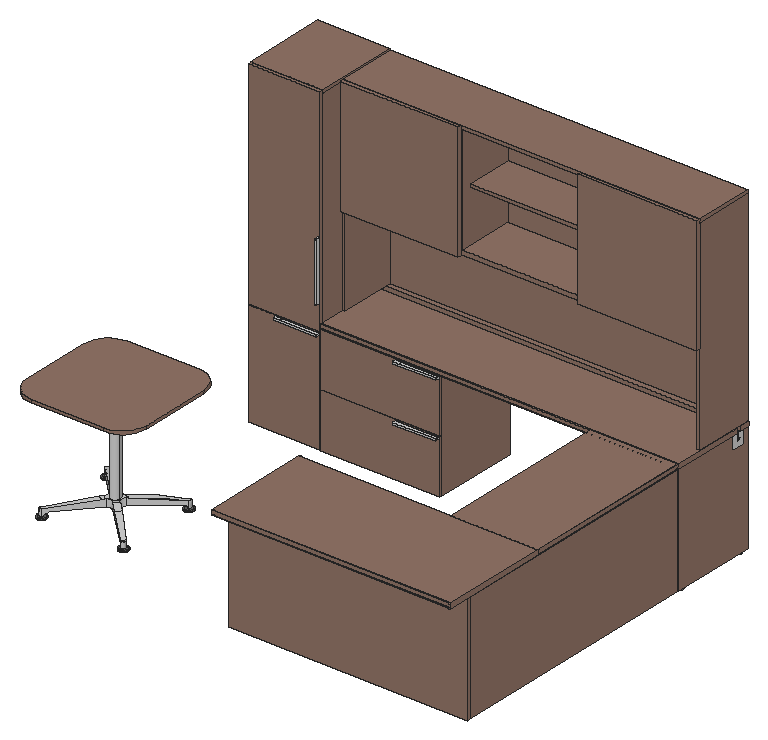
Revit family "FLV007", category Furniture, Revit 2015
Parameters
  Series = "Flux Veneer"
  Manufacturer = "JSI"
  Description = "FLV007"
Reference planes (in)
  plane 1 "Center Front/Back": y = 0
  plane 2: z = 0
  plane 3 "Center Left/Right": x = 0
Dimensions and locks (in)
  aligned and locked: level to plane 2
Nested families (in)
  nested 1: "JSI-Flux-Adj_U_Table_Desk_Bridge" at (-35.48949, -82.68097, 1.16894) x (-1, 0, 0) z (0, 0, 1), type "FLV3060-U44AHL, Adj, Dsk L, 80x60 Ven"
    with Height 2' - 5", Width 5' - 0", Total Depth 5' - 11 3/8", L yes, Post Dist 0' - 2 5/16", Int Pnl Dist 0' - 3 53/64", HW Dist 0' - 1 5/64", Gld Dist 0' - 10", Frnt Pnl Dist 0' - 0 53/64", Frnt Fill Dist 0' - 11 21/64", Frnt Cap Dist 0' - 0 53/64", Fill Dist 4' - 8 11/64", End L 0' - 0 1/8", End R 3' - 8", Depth 2' - 3 1/2", Cap Dist R 2' - 2 5/8", Cap Dist L 4' - 3 7/16", Bridge Dist 0' - 0", Bk Prtn Dist 0' - 3 3/4"
  nested 2: "JSI-Flux-File_Ped_Crednz" at (-53.36122, -10.75, 0), type "FLV2290-29F4KST, Lt File Pdst Crdnz, Spl Wrksf, L, Veneer"
    with Width 7' - 6", V_Panel_ Dist 7' - 4 3/4", H_Panel_Dist 5' - 10 3/4"
  nested 3: "JSI-Flux-Dbl_Ht_OH_Cab_Sldng_Dr" at (-53.36122, -10.75, 0), type "FLV1690-52SD, Dbl Ht Strg OH Cab, Sldng Dr, Veneer"
    with Width 7' - 5 7/8", Shelf Width_L 2' - 4 13/16", Shelf Width_R 2' - 4 13/16", Shelf Dist_R 5' - 0 5/16", Shelf Dist_C 2' - 6 5/16", Partition Distance_R 2' - 5 9/16", Partition Distance_L 2' - 5 9/16", Door Width 2' - 5 7/8", Door Array Dist 5' - 0", Door Adjust Width 1' - 2 7/8", Shelf Width_Central 2' - 5 1/4"
  nested 4: "JSI-Flux-Wb_Pm_Ht" at (-71.36122, -10.75, 0), type "FLV2218-81FADL, Pntr Drw, Strg Cab, L, Veneer"
    with W yes, V_Void_Dist 0' - 2", V_Pull_R_L no, V_Pull_L_R yes, Top_Pull_Dist 0' - 6 29/32", Top_2_Pull_Dist 0' - 9 5/16", R_Vertical_Pull_Dist 1' - 6 11/32", Partition no, L_Vertical_Pull_Dist 1' - 5 25/32", Hngr_L no, H_Void_Width 1' - 6 1/16", H_Void_Upper_Dist 0' - 2", H_Void_C_Dist 0' - 2", H_Void_Bottom_Dist 0' - 2", H_Dist_V_Void 0' - 8 31/32", Top_Shelf_Width 1' - 4 1/2", H_Dist_Bottom_Shelf 0' - 0", F2 no, F1 no, F0 no, F no, C_Shelf_Width 1' - 4 1/2", C_Pull_Dist 0' - 6 29/32", C_Pull no, Bottom_Shelf_Width 1' - 4 1/2", Bottom_Pull_Dist 0' - 6 29/32", Bottom Pull no
  nested 5: "JSI-Flux-Square-Stationary_Table" at (-69.42165, -76.83182, 0), type "FLV3030ST4B,Veneer 30x30 Square Stationary Height Table"
Definition of nested family "JSI-Flux-Adj_U_Table_Desk_Bridge"
  Parameters (values of type "Type Catalog Family - Adj U Desk 36D Brdg")
    Worksurface = none
    Width = 6' - 0"
    URL = "www.jsifurniture.com"
    Type Comments = ""
    Total Depth = 6' - 5 3/8"
    Top Ovrhng = 0' - 5 3/8"
    Series = "FLUX"  # constant formula
    L = no
    Post Dist = if(L, 0' 2 5/16", Width - 0' 2 5/16")  # 5' - 9 11/16"
    Model = "FLT3672-U44AHL"
    Material = ""
    Manufacturer = "JSI"  # constant formula
    Int Pnl Dist = if(L, 0' 3 53/64", Width - 0' 4 37/64")  # 5' - 7 27/64"
    HW Dist = if(L, 0' 1 5/64", Width - 0' 8")  # 5' - 4"
    Gld Dist = if(L, (Bridge Dpth / 2) - 0' 1", Width - (Bridge Dpth / 2) + 0' 1")  # 5' - 2"
    Frnt Pnl W = (Bridge Dpth / 2) + 0' 0 1/4"  # 0' - 11 1/4"
    Frnt Pnl Dist = if(L, 4' 5" / 64, Width - Frnt Pnl W - 4' 5" / 64)  # 4' - 11 59/64"
    Frnt Fill Dist = if(L, (Bridge Dpth / 2 + 0' 0 21/64"), Width - (Bridge Dpth / 2 + 0' 1 5/64"))  # 4' - 11 59/64"
    Frnt Cap W = Frnt Pnl W - 0' 0 3/4"  # 0' - 10 1/2"
    Frnt Cap Dist = if(L, 4' 5" / 64, (Width - (Frnt Pnl W + 0' 5" / 64)))  # 5' - 0 43/64"
    Fill Dist = if(L, Width - 0' 3 53/64", 0' 0 13/16")  # 0' - 0 13/16"
    End L = if(L, 0' 0 1/8", Total Depth - Depth + 0' 0 1/8")  # 3' - 8"
    Keynote = "12500"
    JSI Enviromental Website = "http://www.jsifurniture.com/jsi_sustainability_intro.php"
    Height [instance] = 2' - 5"
    Glides = none
    Frame = none
    End R = if(L, Total Depth - Depth + 0' 0 1/8", 0' 0 1/8")  # 0' - 0 1/8"
    Description = "80\" x 72\" Adjustable Height U Desk Shell and Bridge"
    Depth = 2' - 9 1/2"
    Chassis = none
    Cap Dist R = if(L, Depth - 0' 7" / 8, Total Depth - 1' 7 15/16")  # 4' - 9 7/16"
    Cap Dist L = if(L, Total Depth - 1' 7 15/16", Depth - 0' 0 7/8")  # 2' - 8 5/8"
    Bridge Dpth = 1' - 10"  # constant formula
    Bridge Dist = if(L, 0' 0", Width - Bridge Dpth)  # 4' - 2"
    Bk Prtn Dist = if(Depth < 2' 4", 0' 3 3/4", 0' 6 1/2")  # 0' - 6 1/2"
    Assembly Code = "E2020200"
  Reference planes (in)
    plane 1: z = -1.14927
    plane 2 "Center (Left/Right)": x = -36.06413
    plane 3: z = 27.85073
    plane 4: z = 26.66323
    plane 5 "Center (Front/Back)": y = 10.75
    plane 6: z = -0.83677
    plane 7: y = -22.75
    plane 8: x = 35.93587
    plane 9: x = -0.06413
    plane 10: x = -35.23195
    plane 11: x = -31.48195
    plane 12: x = -35.98195
    plane 13: x = 35.10368
    plane 14: x = 31.35368
    plane 15: x = 35.85368
    plane 16: y = 5.375
    plane 17: y = 4.625
    plane 18: z = 26.40821
    plane 19: y = -9.0625
    plane 20: y = -66.625
    plane 21: x = 33.62337
    plane 22: y = -56
    plane 23: y = -22.625
  Forms (in)
    Extrusion 1, solid, material <- "Chassis"
      sketch origin (0, 0, -1.14927) x (1, 0, 0) y (0, 1, 0)
        loop
          line (-35.98195, 5.375) -> (-35.98195, 4.625) -> (35.85368, 4.625) -> (35.85368, 5.375) -> (-35.98195, 5.375)
      from 0.3125 to 27.55748
    Extrusion 2, solid, material <- "Chassis"
      sketch origin (0, 0, -1.14927) x (1, 0, 0) y (0, 1, 0)
        loop
          line (-35.98195, -22.625) -> (-35.23195, -22.625) -> (-35.23195, 4.625) -> (-35.98195, 4.625) -> (-35.98195, -22.625)
        loop
          line (35.85368, 4.625) -> (35.10368, 4.625) -> (35.10368, -66.5) -> (35.85368, -66.5) -> (35.85368, 4.625)
      from 0.3125 to 27.55748
    Extrusion 3, solid, material <- "Worksurface"
      sketch origin (0, 0, 0) x (0, 1, 0) y (0, 0, 1)
        loop
          line (10.625, 27.85073) -> (-22.625, 27.85073)
          arc (-22.625, 27.85073) -> (-22.71339, 27.81412) -> (-22.75, 27.72573) r 0.125
          line (-22.75, 27.72573) -> (-22.75, 26.78823)
          arc (-22.75, 26.78823) -> (-22.71339, 26.69984) -> (-22.625, 26.66323) r 0.125
          line (-22.625, 26.66323) -> (10.625, 26.66323)
          arc (10.625, 26.66323) -> (10.71339, 26.69984) -> (10.75, 26.78823) r 0.125
          line (10.75, 26.78823) -> (10.75, 27.72573)
          arc (10.75, 27.72573) -> (10.71339, 27.81412) -> (10.625, 27.85073) r 0.125
      from -36.06413 to 35.93587
    Extrusion 4, solid, material <- "Frame", detail levels medium+fine
      sketch origin (0, 0, -1.14927) x (1, 0, 0) y (0, 1, 0)
        loop
          line (-32.87663, -7.4252) -> (-34.76148, -7.4252)
          arc (-34.76148, -7.4252) -> (-34.93825, -7.49842) -> (-35.01148, -7.6752) r 0.25
          line (-35.01148, -7.6752) -> (-35.01148, -10.3248)
          arc (-35.01148, -10.3248) -> (-34.93825, -10.50158) -> (-34.76148, -10.5748) r 0.25
          line (-34.76148, -10.5748) -> (-32.87663, -10.5748)
          arc (-32.87663, -10.5748) -> (-32.69986, -10.50158) -> (-32.62663, -10.3248) r 0.25
          line (-32.62663, -10.3248) -> (-32.62663, -7.6752)
          arc (-32.62663, -7.6752) -> (-32.69986, -7.49842) -> (-32.87663, -7.4252) r 0.25
        loop
          arc (32.74837, -7.4252) -> (32.57159, -7.49842) -> (32.49837, -7.6752) r 0.25
          line (32.49837, -7.6752) -> (32.49837, -10.3248)
          arc (32.49837, -10.3248) -> (32.57159, -10.50158) -> (32.74837, -10.5748) r 0.25
          line (32.74837, -10.5748) -> (34.63321, -10.5748)
          arc (34.63321, -10.5748) -> (34.80998, -10.50158) -> (34.88321, -10.3248) r 0.25
          line (34.88321, -10.3248) -> (34.88321, -7.6752)
          arc (34.88321, -7.6752) -> (34.80998, -7.49842) -> (34.63321, -7.4252) r 0.25
          line (34.63321, -7.4252) -> (32.74837, -7.4252)
      from 2.28435 to 23.9895
    Extrusion 5, solid, material <- "Frame"
      sketch origin (0, 4.9375, 0) x (0, 1, 0) y (0, 0, 1)
        loop
          line (-10.99508, 26.52878) -> (-11.99508, 26.52878) -> (-11.99508, 24.71628) -> (-11.87008, 24.71628) -> (-11.87008, 26.40821) -> (-10.99508, 26.40821) -> (-10.99508, 26.52878)
        loop
          line (-16.80758, 26.52878) -> (-16.80758, 26.40821) -> (-15.93258, 26.40821) -> (-15.93258, 24.71628) -> (-15.80758, 24.71628) -> (-15.80758, 26.52878) -> (-16.80758, 26.52878)
      from -34.99179 to 34.86352
    Extrusion 6, solid, material <- "Frame", detail levels medium+fine
      sketch origin (0, 4.9375, 0) x (1, 0, 0) y (0, 0, 1)
        loop
          line (-34.99179, 26.52878) -> (-34.99179, 24.72271) -> (-28.49179, 24.72271) -> (-28.07841, 25.50018) -> (-28.07841, 26.52878) -> (-34.99179, 26.52878)
        loop
          line (34.86352, 26.52878) -> (27.95014, 26.52878) -> (27.95014, 25.50018) -> (28.36352, 24.72271) -> (34.86352, 24.72271) -> (34.86352, 26.52878)
      from 11.99508 to 15.80758
    Extrusion 7, solid, material <- "Frame"
      sketch origin (0, 0, 0) x (1, 0, 0) y (0, 0, 1)
        loop
          line (-34.99179, 24.66328) -> (-34.99179, 26.52878) -> (-33.02098, 26.52878) -> (-33.02098, 26.66323) -> (-35.14598, 26.66323) -> (-35.14598, 24.66328) -> (-34.99179, 24.66328)
        loop
          line (34.86352, 24.66328) -> (35.01771, 24.66328) -> (35.01771, 26.66323) -> (32.89271, 26.66323) -> (32.89271, 26.52878) -> (34.86352, 26.52878) -> (34.86352, 24.66328)
      from 2.05193 to 15.9419
    Extrusion 8, solid, material <- "Frame"
      sketch origin (0, 0, -1.14927) x (1, 0, 0) y (0, 1, 0)
        loop
          arc (-34.63746, -7.70817) -> (-34.81424, -7.78139) -> (-34.88746, -7.95817) r 0.25
          line (-34.88746, -7.95817) -> (-34.88746, -10.16683)
          arc (-34.88746, -10.16683) -> (-34.81424, -10.34361) -> (-34.63746, -10.41683) r 0.25
          line (-34.63746, -10.41683) -> (-33.1099, -10.41683)
          arc (-33.1099, -10.41683) -> (-32.93313, -10.34361) -> (-32.8599, -10.16683) r 0.25
          line (-32.8599, -10.16683) -> (-32.8599, -7.95817)
          arc (-32.8599, -7.95817) -> (-32.93313, -7.78139) -> (-33.1099, -7.70817) r 0.25
          line (-33.1099, -7.70817) -> (-34.63746, -7.70817)
        loop
          line (34.58419, -7.70817) -> (32.90663, -7.70817)
          arc (32.90663, -7.70817) -> (32.78289, -7.75943) -> (32.73163, -7.88317) r 0.175
          line (32.73163, -7.88317) -> (32.73163, -10.24183)
          arc (32.73163, -10.24183) -> (32.78289, -10.36557) -> (32.90663, -10.41683) r 0.175
          line (32.90663, -10.41683) -> (34.58419, -10.41683)
          arc (34.58419, -10.41683) -> (34.70794, -10.36557) -> (34.75919, -10.24183) r 0.175
          line (34.75919, -10.24183) -> (34.75919, -7.88317)
          arc (34.75919, -7.88317) -> (34.70794, -7.75943) -> (34.58419, -7.70817) r 0.175
      from 23.9895 to 25.87198
    Extrusion 9, void
      sketch origin (0, 0, 0) x (0, 1, 0) y (0, 0, 1)
        loop
          line (-6.84477, 24.60078) -> (0.89292, 24.60078) -> (0.89292, 25.92937) -> (-6.84477, 24.60078)
        loop
          line (-11.44111, 24.60078) -> (-19.01792, 25.96761) -> (-19.01792, 24.60078) -> (-11.44111, 24.60078)
      from -35.14598 to 35.01771
    Extrusion 10, solid, material <- "Glides"
      sketch origin (0, 0, -1.14927) x (1, 0, 0) y (0, 1, 0)
        loop
          circle (-33.73095, 1.87603) r 1.1875
        loop
          circle (-33.73095, -20.00103) r 1.1875
        loop
          circle (33.60268, 1.87603) r 1.1875
        loop
          circle (33.60268, -20.00103) r 1.1875
        loop
          circle (33.62337, -48.55918) r 1.1875
        loop
          circle (33.62337, -63.44082) r 1.1875
      from 0 to 0.3125
    Extrusion 11, solid, material <- "Frame", detail levels medium+fine
      sketch origin (0.08246, -44.44082, -1.14927) x (1, 0, 0) y (0, 1, 0)
        loop
          line (34.48332, -9.98438) -> (32.59848, -9.98438)
          arc (32.59848, -9.98438) -> (32.4217, -10.0576) -> (32.34848, -10.23438) r 0.25
          line (32.34848, -10.23438) -> (32.34848, -12.88398)
          arc (32.34848, -12.88398) -> (32.4217, -13.06076) -> (32.59848, -13.13398) r 0.25
          line (32.59848, -13.13398) -> (34.48332, -13.13398)
          arc (34.48332, -13.13398) -> (34.6601, -13.06076) -> (34.73332, -12.88398) r 0.25
          line (34.73332, -12.88398) -> (34.73332, -10.23438)
          arc (34.73332, -10.23438) -> (34.6601, -10.0576) -> (34.48332, -9.98438) r 0.25
      from 2.28435 to 23.9895
    Extrusion 12, solid, material <- "Frame"
      sketch origin (-4.97261, -0.65718, -1.14927) x (1, 0, 0) y (0, 1, 0)
        loop
          arc (37.78532, -53.90255) -> (37.60854, -53.97578) -> (37.53532, -54.15255) r 0.25
          line (37.53532, -54.15255) -> (37.53532, -56.53309)
          arc (37.53532, -56.53309) -> (37.60854, -56.70987) -> (37.78532, -56.78309) r 0.25
          line (37.78532, -56.78309) -> (39.40663, -56.78309)
          arc (39.40663, -56.78309) -> (39.58341, -56.70987) -> (39.65663, -56.53309) r 0.25
          line (39.65663, -56.53309) -> (39.65663, -54.13751)
          arc (39.65663, -54.13751) -> (39.58781, -53.97137) -> (39.42167, -53.90255) r 0.23496
          line (39.42167, -53.90255) -> (37.78532, -53.90255)
      from 23.9895 to 25.87198
    Extrusion 13, solid, material <- "Chassis"
      sketch origin (0, 0, -1.14927) x (1, 0, 0) y (0, 1, 0)
        loop
          line (23.85774, -62) -> (23.85774, -62.75) -> (35.10774, -62.75) -> (35.10774, -62) -> (23.85774, -62)
        loop
          line (23.85774, -65.75) -> (23.85774, -66.5) -> (35.10774, -66.5) -> (35.10774, -65.75) -> (23.85774, -65.75)
      from 0.3125 to 27.55748
    Extrusion 14, solid, material <- "Chassis"
      sketch origin (0, 0, -1.14927) x (1, 0, 0) y (0, 1, 0)
        loop
          line (-35.25163, -21.875) -> (-35.25163, -22.625) -> (-32.25163, -22.625) -> (-32.25163, -21.875) -> (-35.25163, -21.875)
      from 0.3125 to 27.55748
    Extrusion 15, solid, material <- "Worksurface"
      sketch origin (27.5, 0, 0) x (1, 0, 0) y (0, 0, 1)
        loop
          line (-13.56413, 27.72573) -> (-13.56413, 26.78823)
          arc (-13.56413, 26.78823) -> (-13.52752, 26.69984) -> (-13.43913, 26.66323) r 0.125
          line (-13.43913, 26.66323) -> (8.31087, 26.66323)
          arc (8.31087, 26.66323) -> (8.39925, 26.69984) -> (8.43587, 26.78823) r 0.125
          line (8.43587, 26.78823) -> (8.43587, 27.72573)
          arc (8.43587, 27.72573) -> (8.39925, 27.81412) -> (8.31087, 27.85073) r 0.125
          line (8.31087, 27.85073) -> (-13.43913, 27.85073)
          arc (-13.43913, 27.85073) -> (-13.52752, 27.81412) -> (-13.56413, 27.72573) r 0.125
      from 22.75 to 66.625
    Extrusion 16, solid, material <- "Chassis"
      sketch origin (0, 0, -1.14927) x (1, 0, 0) y (0, 1, 0)
        loop
          line (23.85774, -62.75) -> (23.85774, -65.75) -> (24.60368, -65.75) -> (24.60368, -62.75) -> (23.85774, -62.75)
      from 0.3125 to 27.55748
    Extrusion 17, solid, material <- "Chassis"
      sketch origin (0, 0, -1.14927) x (1, 0, 0) y (0, 1, 0)
        loop
          line (31.35774, -1.875) -> (32.10774, -1.875) -> (32.10774, 4.625) -> (31.35774, 4.625) -> (31.35774, -1.875)
        loop
          line (31.35774, -16.125) -> (31.35774, -46.6875) -> (32.10774, -46.6875) -> (32.10774, -16.125) -> (31.35774, -16.125)
      from 0.3125 to 27.55748
    Extrusion 18, solid, material <- "Chassis"
      sketch origin (0, 0, -1.14927) x (1, 0, 0) y (0, 1, 0)
        loop
          line (31.35774, -1.9375) -> (31.35774, -16.0625) -> (32.10774, -16.0625) -> (32.10774, -1.9375) -> (31.35774, -1.9375)
        loop
          line (31.35774, -61.875) -> (32.10774, -61.875) -> (32.10774, -46.75) -> (31.35774, -46.75) -> (31.35774, -61.875)
      from 0.3125 to 25.5
    Extrusion 19, solid, material <- "Chassis"
      sketch origin (0, 0, -1.14927) x (1, 0, 0) y (0, 1, 0)
        loop
          line (-35.23195, -1.125) -> (-35.23195, -1.875) -> (-32.23195, -1.875) -> (-32.23195, -1.125) -> (-35.23195, -1.125)
        loop
          line (35.10368, -1.125) -> (32.10368, -1.125) -> (32.10368, -1.875) -> (35.10368, -1.875) -> (35.10368, -1.125)
      from 2.28435 to 26.81693
    Extrusion 20, solid, material <- "Chassis"
      sketch origin (-12.12827, 0, -1.14927) x (-1, 0, 0) y (0, -1, 0)
        loop
          line (19.35774, 1.9375) -> (20.10774, 1.9375) -> (20.10774, 16.0625) -> (19.35774, 16.0625) -> (19.35774, 1.9375)
      from 0.3125 to 25.5
    Extrusion 21, solid, material <- "Chassis"
      sketch origin (0, -15, -1.14927) x (1, 0, 0) y (0, 1, 0)
        loop
          line (-35.23195, -1.125) -> (-35.23195, -1.875) -> (-32.23195, -1.875) -> (-32.23195, -1.125) -> (-35.23195, -1.125)
        loop
          line (35.10368, -1.125) -> (32.10368, -1.125) -> (32.10368, -1.875) -> (35.10368, -1.875) -> (35.10368, -1.125)
      from 2.28435 to 26.81693
    Extrusion 22, solid, material <- "Chassis"
      sketch origin (0, -7.25502, 26.40821) x (0, 1, 0) y (-1, 0, 0)
        loop
          line (11.88002, 35.23195) -> (5.38002, 35.23195) -> (5.38002, 32.23195) -> (11.88002, 32.23195) -> (11.88002, 35.23195)
        loop
          line (11.88002, -32.10774) -> (5.38002, -32.10774) -> (5.38002, -35.10368) -> (11.88002, -35.10368) -> (11.88002, -32.10774)
        loop
          line (-8.86998, 35.23195) -> (-14.61998, 35.23195) -> (-14.61998, 32.23195) -> (-8.86998, 32.23195) -> (-8.86998, 35.23195)
        loop
          line (-8.86998, -32.10774) -> (-39.43248, -32.10774) -> (-39.43248, -35.10368) -> (-8.86998, -35.10368) -> (-8.86998, -32.10774)
      from -0.74055 to 0
    Extrusion 23, solid, material <- "Chassis"
      sketch origin (0, -7.25502, 26.40821) x (0, 1, 0) y (-1, 0, 0)
        loop
          line (-55.49498, -24.60774) -> (-58.49498, -24.60774) -> (-58.49498, -35.10774) -> (-55.49498, -35.10774) -> (-55.49498, -24.60774)
      from 0 to -0.74055
    Extrusion 24, solid, material <- "Chassis"
      sketch origin (0, -7.25502, 26.40821) x (0, 1, 0) y (-1, 0, 0)
        loop
          line (-39.43248, -35.12337) -> (-38.68248, -35.12337) -> (-38.68248, -32.12337) -> (-39.43248, -32.12337) -> (-39.43248, -35.12337)
      from -0.74055 to -25.27313
    Extrusion 25, solid, material <- "Frame"
      sketch origin (34.75, -47.03617, 0) x (1, 0, 0) y (0, 0, 1)
        loop
          line (-6.81413, 26.52878) -> (-6.81413, 25.50046) -> (-6.39226, 24.71628) -> (-0.31906, 24.71628) -> (0.10282, 25.50046) -> (0.10282, 26.52878) -> (-6.81413, 26.52878)
      from 7.05758 to 10.87008
    Extrusion 26, solid, material <- "Chassis"
      sketch origin (0, -7.25502, 26.40821) x (0, 1, 0) y (-1, 0, 0)
        loop
          line (11.88002, 31.48601) -> (11.88002, 32.23601) -> (5.38002, 32.23601) -> (5.38002, 31.48601) -> (11.88002, 31.48601)
        loop
          line (-8.86998, 31.48601) -> (-8.86998, 32.23601) -> (-15.36998, 32.23601) -> (-15.36998, 31.48601) -> (-8.86998, 31.48601)
      from -27.24498 to 0
    Extrusion 27, solid, material <- "Glides"
      sketch origin (0, -7.25502, 26.40821) x (0, 1, 0) y (-1, 0, 0)
        loop
          circle (-57.86998, -25.93587) r 0.4375
      from -27.55748 to -27.24498
  Cuts and joins
    Extrusion 9 cuts Extrusion 7
  Lines and regions (in)
    symbolic lines
      curve 1: line (-36.06413, 10.75, -1.14927) -> (35.93587, 10.75, -1.14927)
      curve 2: line (-36.06413, -22.75, -1.14927) -> (-36.06413, 10.75, -1.14927)
      curve 3: line (35.93587, -22.75, -1.14927) -> (-36.06413, -22.75, -1.14927)
      curve 4: line (35.93587, 10.75, -1.14927) -> (35.93587, -22.75, -1.14927)
      curve 13: line (13.93587, -66.625, 26.40821) -> (35.93587, -66.625, 26.40821)
      curve 14: line (13.93587, -22.75, 26.40821) -> (13.93587, -66.625, 26.40821)
      curve 15: line (35.93587, -22.75, 26.40821) -> (35.93587, -66.625, 26.40821)
    symbolic lines, detail levels medium+fine
      curve 5: line (35.85368, 5.375, -1.14927) -> (-35.98195, 5.375, -1.14927)
      curve 6: line (-35.98195, 4.625, -1.14927) -> (35.85368, 4.625, -1.14927)
      curve 7: line (35.85368, -22.875, -1.14927) -> (35.85368, 5.375, -1.14927)
      curve 16: line (-34.99179, -11.87008, 26.40821) -> (34.86352, -11.87008, 26.40821)
    symbolic lines, detail levels fine
      curve 8: line (34.86352, -6.05758, -1.14927) -> (-34.99179, -6.05758, -1.14927)
      curve 9: line (-28.07841, -10.87008, -1.14927) -> (-28.07841, -7.05758, -1.14927)
      curve 10: line (27.95014, -7.05758, -1.14927) -> (27.95014, -10.87008, -1.14927)
      curve 11: line (34.86352, -10.87008, -1.14927) -> (-34.99179, -10.87008, -1.14927)
      curve 12: line (-34.99179, -7.05758, -1.14927) -> (34.86352, -7.05758, -1.14927)
  Dimensions and locks (in)
    locked: plane 6 to level at 0.3125
    "Depth": plane 7 to plane 5 "Center (Front/Back)"
    locked: plane 3 to plane 4 at 1.1875
    "Height": plane 3 to level
    "Width": plane 2 "Center (Left/Right)" to plane 8
    equal spacing: plane 2 "Center (Left/Right)", plane 9, plane 8
    plane 2 "Center (Left/Right)" to plane 12 to plane 10 to plane 11 = 0' - 0.08219" locked, 0' - 0 3/4" locked, 0' - 3 3/4" locked
    plane 14 to plane 13 to plane 15 to plane 8 = 0' - 3 3/4" locked, 0' - 0 3/4" locked, 0' - 0.08219" locked
    locked: plane 18 to level at 27.55748
    plane 2 "Center (Left/Right)" to Extrusion 4 sketch curve to Extrusion 4 sketch curve = 0' - 1.05266" locked, 0' - 2.38484" locked
    plane 8 to Extrusion 4 sketch curve to Extrusion 4 sketch curve = 0' - 1.05266" locked, 0' - 2.38484" locked
    plane 4 to Extrusion 6 sketch curve to Extrusion 6 sketch curve = 0' - 0.13445" locked, 0' - 1.80607" locked  (x2)
    Extrusion 6 sketch curve to Extrusion 6 sketch curve to plane 10 = 0' - 6.91339" locked, 0' - 0.24016" locked
    plane 8 to Extrusion 6 sketch curve to Extrusion 6 sketch curve = 0' - 1.07234" locked, 0' - 6.91339" locked
    locked: Extrusion 5 to plane 2 "Center (Left/Right)" at 1.07234
    locked: plane 8 to Extrusion 5 at 1.07234
    equal spacing: plane 17, plane 19, plane 7
    Extrusion 7 sketch curve to Extrusion 7 sketch curve to Extrusion 7 sketch curve to plane 10 = 0' - 1.97081" locked, 0' - 0.15419" locked, 0' - 0.08597" locked
    plane 4 to Extrusion 7 sketch curve to Extrusion 7 sketch curve = 0' - 0.13445" locked, 0' - 1.8655" locked  (x2)
    Extrusion 7 sketch curve to Extrusion 7 sketch curve to plane 13 = 0' - 2 1/8" locked, 0' - 0.08597" locked
    Extrusion 5 sketch curve to Extrusion 5 sketch curve to Extrusion 5 sketch curve = 0' - 1.69193" locked, 0' - 0.12057" locked
    plane 2 "Center (Left/Right)" to Extrusion 8 sketch curve to Extrusion 8 sketch curve = 0' - 1.17667" locked, 0' - 2.02756" locked
    Extrusion 8 sketch curve to Extrusion 8 sketch curve to plane 8 = 0' - 2.02756" locked, 0' - 1.17667" locked
    Extrusion 4 sketch curve to plane 19 to Extrusion 4 sketch curve = 0' - 1.6373" locked, 0' - 1.5123" locked
    locked: plane 4 to Extrusion 9 sketch curve at 2.06245  (x2)
    equal spacing: Extrusion 9 sketch curve, plane 19, Extrusion 9 sketch curve
    locked: plane 10 to Extrusion 10 sketch curve at 1.501  (x2)
    locked: Extrusion 10 sketch curve to plane 13 at 1.501  (x2)
    locked: plane 7 to Extrusion 10 sketch curve at 2.74897  (x2)
    locked: plane 16 to Extrusion 10 sketch curve at 3.49897  (x2)
    locked: plane 16 to plane 17 at 0.75
    "Top Ovrhng": plane 5 "Center (Front/Back)" to plane 16
    Extrusion 5 sketch curve to Extrusion 5 sketch curve to Extrusion 5 sketch curve = 0' - 0 7/8" locked, 0' - 0 1/8" locked
    Extrusion 5 sketch curve to Extrusion 5 sketch curve to Extrusion 5 sketch curve = 0' - 0 1/8" locked, 0' - 0 7/8" locked
    Extrusion 5 sketch curve to plane 19 to Extrusion 5 sketch curve = 0' - 2.00492" locked, 0' - 1.80758" locked
    cut or joined group of Extrusion 7, Extrusion 9 to plane 19 to cut or joined group of Extrusion 7, Extrusion 9 = 0' - 7.01057" locked, 0' - 6.8794" locked
    "Total Depth": plane 20 to plane 5 "Center (Front/Back)"
    "End L": plane 20 to Extrusion 2 sketch curve
    "End R": plane 20 to Extrusion 2 sketch curve
    equal spacing: Extrusion 8 sketch curve, plane 19, Extrusion 8 sketch curve, locked at 1.35433 each
    locked: Extrusion 4 to level at 23.9895
    "Post Dist": plane 2 "Center (Left/Right)" to plane 21
    Extrusion 11 sketch curve to plane 21 to Extrusion 11 sketch curve = 0' - 1.19242" locked, 0' - 1.19242" locked
    Extrusion 11 sketch curve to plane 22 to Extrusion 11 sketch curve = 0' - 1.5748" locked, 0' - 1.5748" locked
    Extrusion 12 sketch curve to Extrusion 12 sketch curve to plane 21 to Extrusion 12 sketch curve to Extrusion 12 sketch curve = 0' - 0 1/4" locked, 0' - 0.81065" locked, 0' - 0.8257" locked, 0' - 0.23496" locked
    Extrusion 12 sketch curve to Extrusion 12 sketch curve to plane 22 to Extrusion 12 sketch curve to Extrusion 12 sketch curve = 0' - 0 1/4" locked, 0' - 1.19027" locked, 0' - 1.19027" locked, 0' - 0 1/4" locked
    Extrusion 13 sketch curve to Extrusion 13 sketch curve to Extrusion 13 sketch curve to Extrusion 13 sketch curve to plane 20 = 0' - 0 3/4" locked, 0' - 3" locked, 0' - 0 3/4" locked, 0' - 0 1/8" locked
    "Frnt Pnl W": Extrusion 13 sketch curve to Extrusion 13 sketch curve
    "Frnt Pnl Dist": plane 2 "Center (Left/Right)" to Extrusion 13
    equal spacing: Extrusion 10 sketch curve, plane 22, Extrusion 10 sketch curve, locked at 7.44082 each
    locked: Extrusion 14 sketch curve to Extrusion 14 sketch curve at 3
    plane 7 to Extrusion 14 sketch curve to Extrusion 14 sketch curve = 0' - 0 1/8" locked, 0' - 0 3/4" locked
    "Fill Dist": plane 2 "Center (Left/Right)" to Extrusion 14
    locked: Extrusion 15 sketch curve to Extrusion 15 sketch curve at 0.125  (x4)
    "Bridge Dpth": Extrusion 15 sketch curve to Extrusion 15 sketch curve
    "Bridge Dist": plane 2 "Center (Left/Right)" to Extrusion 15 sketch curve
    locked: Extrusion 16 sketch curve to Extrusion 16 sketch curve at 0.74594
    "Frnt Fill Dist": plane 2 "Center (Left/Right)" to Extrusion 16
    locked: Extrusion 17 sketch curve to Extrusion 17 sketch curve at 0.75
    "Int Pnl Dist": plane 2 "Center (Left/Right)" to Extrusion 17
    "Bk Prtn Dist": plane 17 to Extrusion 17 sketch curve
    locked: plane 22 to plane 20 at 10.625
    locked: Extrusion 18 sketch curve to Extrusion 17 at 0.0625  (x3)
    locked: Extrusion 18 sketch curve to Extrusion 13 at 0.125
    Extrusion 18 to level = 2' - 1 1/2"
    Extrusion 18 sketch curve to Extrusion 18 sketch curve = 1' - 2 1/8"
    locked: Extrusion 19 sketch curve to Extrusion 19 sketch curve at 0.75
    locked: Extrusion 19 sketch curve to plane 13 at 3
    locked: plane 10 to Extrusion 19 sketch curve at 3
    "Bk Prtn Dist": plane 17 to Extrusion 19 sketch curve
    locked: plane 18 to Extrusion 19 at 0.74055
    Extrusion 20 sketch curve to Extrusion 20 sketch curve = 1' - 2 1/8"
    locked: Extrusion 20 sketch curve to Extrusion 20 sketch curve at 0.75
    locked: Extrusion 21 sketch curve to Extrusion 21 sketch curve at 0.75
    "Bk Prtn Dist": plane 17 to Extrusion 22 sketch curve
    "Cap Dist L": Extrusion 22 sketch curve to plane 5 "Center (Front/Back)"
    "Cap Dist R": Extrusion 22 sketch curve to plane 5 "Center (Front/Back)"
    locked: plane 7 to plane 23 at 0.125
    "Bk Prtn Dist": plane 23 to Extrusion 22 sketch curve  (x2)
    "Frnt Cap W": Extrusion 23 sketch curve to Extrusion 23 sketch curve
    "Frnt Cap Dist": plane 2 "Center (Left/Right)" to Extrusion 23
    locked: Extrusion 24 sketch curve to Extrusion 24 sketch curve at 3
    locked: Extrusion 24 sketch curve to Extrusion 24 sketch curve at 0.75
    "Fill Dist": Extrusion 24 to plane 8
    plane 4 to Extrusion 25 sketch curve to Extrusion 25 sketch curve = 0' - 0.13445" locked, 0' - 1 13/16" locked
    Extrusion 25 to plane 22 to Extrusion 25 = 0' - 1 29/32" locked, 0' - 1 29/32" locked
    locked: Extrusion 25 sketch curve to Extrusion 25 sketch curve at 6.91695
    locked: Extrusion 25 sketch curve to Extrusion 25 sketch curve at 0.42187
    locked: Extrusion 25 sketch curve to Extrusion 25 sketch curve at 0.42188
    "HW Dist": Extrusion 25 to plane 2 "Center (Left/Right)"
    "Bk Prtn Dist": Extrusion 26 sketch curve to Extrusion 26 sketch curve  (x2)
    locked: plane 7 to Extrusion 26 sketch curve at 0.125
    locked: Extrusion 26 sketch curve to Extrusion 26 sketch curve at 0.75
    "Int Pnl Dist": Extrusion 26 to plane 8
    locked: Extrusion 20 sketch curve to Extrusion 26 at 0.0625  (x2)
    locked: plane 20 to Extrusion 27 sketch curve at 1.5
    "Gld Dist": plane 2 "Center (Left/Right)" to Extrusion 27 sketch curve
    aligned and locked: level to plane 1
    aligned and locked: plane 12 to Extrusion 1 sketch curve
    aligned and locked: Extrusion 1 sketch curve to plane 16
    aligned and locked: Extrusion 1 sketch curve to plane 17
    aligned and locked: plane 15 to Extrusion 1 sketch curve
    aligned and locked: plane 12 to Extrusion 2 sketch curve
    aligned and locked: Extrusion 2 sketch curve to plane 10
    aligned and locked: Extrusion 2 sketch curve to plane 15
    aligned and locked: plane 13 to Extrusion 2 sketch curve
    aligned and locked: Extrusion 2 sketch curve to plane 17
    aligned and locked: Extrusion 1 to plane 6
    aligned and locked: Extrusion 2 to plane 6
    aligned and locked: Extrusion 2 to plane 18
    aligned and locked: plane 18 to Extrusion 1
    aligned and locked: plane 5 "Center (Front/Back)" to Extrusion 3 sketch curve
    aligned and locked: plane 4 to Extrusion 3 sketch curve
    aligned and locked: Extrusion 3 sketch curve to plane 3
    aligned and locked: Extrusion 3 sketch curve to plane 7
    aligned and locked: Extrusion 3 to plane 2 "Center (Left/Right)"
    aligned and locked: plane 8 to Extrusion 3
    aligned and locked: Extrusion 4 sketch curve to Extrusion 4 sketch curve  (x2)
    aligned and locked: Extrusion 5 sketch curve to Extrusion 5 sketch curve  (x3)
    aligned and locked: Extrusion 6 to Extrusion 5  (x2)
    aligned and locked: Extrusion 7 sketch curve to plane 4
    aligned and locked: plane 4 to Extrusion 7 sketch curve
    aligned and locked: Extrusion 7 to Extrusion 5 sketch curve
    aligned and locked: Extrusion 8 sketch curve to Extrusion 8 sketch curve  (x2)
    aligned and locked: Extrusion 8 to Extrusion 4
    aligned and locked: Extrusion 8 to Extrusion 6
    aligned and locked: Extrusion 7 to Extrusion 9
    aligned and locked: Extrusion 9 to Extrusion 7
    aligned and locked: Extrusion 10 to plane 6
    aligned and locked: Extrusion 10 to level
    aligned and locked: plane 2 "Center (Left/Right)" to curve 2
    aligned and locked: curve 4 to plane 8
    aligned and locked: curve 3 to plane 7
    aligned and locked: plane 5 "Center (Front/Back)" to curve 1
    aligned and locked: curve 5 to Extrusion 1
    aligned and locked: curve 6 to Extrusion 1
    aligned and locked: Extrusion 2 to curve 7
    aligned and locked: curve 8 to Extrusion 5
    aligned and locked: curve 9 to Extrusion 6
    aligned and locked: curve 10 to Extrusion 6
    aligned and locked: curve 11 to Extrusion 5
    aligned and locked: curve 12 to Extrusion 5
    aligned and locked: plane 17 to Extrusion 2 sketch curve
    aligned and locked: Extrusion 11 to Extrusion 4
    aligned and locked: Extrusion 12 to Extrusion 11
    aligned and locked: Extrusion 12 to Extrusion 6
    aligned and locked: Extrusion 13 sketch curve to Extrusion 13 sketch curve  (x2)
    aligned and locked: Extrusion 13 to plane 18
    aligned and locked: plane 6 to Extrusion 13
    aligned and locked: plane 21 to Extrusion 10 sketch curve
    aligned and locked: Extrusion 10 sketch curve to plane 21
    aligned and locked: plane 18 to Extrusion 14
    aligned and locked: Extrusion 14 to plane 6
    aligned and locked: plane 3 to Extrusion 15 sketch curve
    aligned and locked: Extrusion 15 sketch curve to plane 4
    aligned and locked: Extrusion 15 to plane 7
    aligned and locked: plane 20 to Extrusion 15
    aligned and locked: Extrusion 16 to Extrusion 13  (x2)
    aligned and locked: Extrusion 16 to plane 18
    aligned and locked: plane 6 to Extrusion 16
    aligned and locked: Extrusion 17 sketch curve to Extrusion 17 sketch curve  (x2)
    aligned and locked: plane 18 to Extrusion 17
    aligned and locked: Extrusion 17 to plane 6
    aligned and locked: plane 17 to Extrusion 17 sketch curve
    aligned and locked: Extrusion 18 sketch curve to Extrusion 18 sketch curve  (x2)
    aligned and locked: Extrusion 18 to plane 6
    aligned and locked: Extrusion 18 sketch curve to Extrusion 17
    aligned and locked: Extrusion 17 to Extrusion 18 sketch curve
    aligned and locked: Extrusion 19 sketch curve to plane 13
    aligned and locked: plane 10 to Extrusion 19 sketch curve
    aligned and locked: Extrusion 19 sketch curve to Extrusion 19 sketch curve  (x2)
    aligned and locked: Extrusion 18 to Extrusion 20
    aligned and locked: Extrusion 20 to plane 6
    aligned and locked: Extrusion 21 sketch curve to Extrusion 21 sketch curve  (x2)
    aligned and locked: Extrusion 21 sketch curve to Extrusion 19  (x2)
    aligned and locked: Extrusion 19 to Extrusion 21 sketch curve  (x2)
    aligned and locked: Extrusion 21 to Extrusion 19
    aligned and locked: Extrusion 19 to Extrusion 21
    aligned and locked: Extrusion 21 to Extrusion 17
    aligned and locked: plane 18 to Extrusion 22
    aligned and locked: Extrusion 22 to Extrusion 19
    aligned and locked: Extrusion 19 to Extrusion 22
    aligned and locked: Extrusion 22 sketch curve to Extrusion 22 sketch curve  (x3)
    aligned and locked: plane 10 to Extrusion 22 sketch curve  (x2)
    aligned and locked: Extrusion 22 sketch curve to plane 17
    aligned and locked: plane 13 to Extrusion 22 sketch curve  (x2)
    aligned and locked: plane 17 to Extrusion 22 sketch curve
    aligned and locked: Extrusion 13 to Extrusion 23 sketch curve  (x2)
    aligned and locked: plane 18 to Extrusion 23
    aligned and locked: Extrusion 22 to Extrusion 23
    aligned and locked: Extrusion 22 to Extrusion 24
    aligned and locked: Extrusion 19 to Extrusion 24
    aligned and locked: Extrusion 24 to Extrusion 17
    aligned and locked: curve 13 to Extrusion 15
    aligned and locked: curve 14 to Extrusion 15
    aligned and locked: curve 15 to Extrusion 15
    aligned and locked: curve 16 to Extrusion 5
    aligned and locked: plane 17 to Extrusion 26 sketch curve
    aligned and locked: Extrusion 26 sketch curve to Extrusion 26 sketch curve  (x2)
    aligned and locked: Extrusion 26 to Extrusion 20
    aligned and locked: Extrusion 20 to Extrusion 26
    aligned and locked: Extrusion 26 to plane 6
    aligned and locked: plane 18 to Extrusion 26
    aligned and locked: Extrusion 17 to Extrusion 22
    aligned and locked: level to Extrusion 27
    aligned and locked: Extrusion 27 to plane 6
  Automatic sketch dimensions
    curve 6 to plane 12 = 0' - 0"
    curve 5 to plane 12 = 0' - 0"
    plane 17 to curve 6 = 0' - 0"
    plane 10 to curve 11 = 0' - 0.24016"
    plane 10 to curve 12 = 0' - 0.24016"
    plane 10 to curve 8 = 0' - 0.24016"
    plane 13 to curve 8 = 0' - 0.24016"
    plane 13 to curve 12 = 0' - 0.24016"
    plane 13 to curve 11 = 0' - 0.24016"
    plane 7 to curve 7 = 0' - 0 1/8"
    Extrusion 3 sketch curve to Extrusion 3 sketch curve = 0' - 0 1/8"  (x2)
    Extrusion 3 sketch curve to plane 3 = 0' - 0 1/8"
    plane 4 to Extrusion 3 sketch curve = 0' - 0 1/8"
    Extrusion 4 sketch curve to Extrusion 4 sketch curve = 0' - 0 1/4"  (x8)
    Extrusion 6 sketch curve to Extrusion 6 sketch curve = 0' - 0.41339"  (x2)
    Extrusion 6 sketch curve to Extrusion 6 sketch curve = 0' - 0.77747"  (x2)
    Extrusion 7 sketch curve to Extrusion 7 sketch curve = 0' - 0.15419"
    Extrusion 8 sketch curve to Extrusion 8 sketch curve = 0' - 0 1/4"  (x4)
    Extrusion 8 sketch curve to Extrusion 8 sketch curve = 0' - 0.175"  (x4)
    Extrusion 8 sketch curve to plane 19 = 0' - 1.35433"
    Extrusion 9 sketch curve to plane 7 = 0' - 3.73208"
    Extrusion 9 sketch curve to plane 19 = 0' - 2.37861"
    plane 19 to Extrusion 9 sketch curve = 0' - 2.21773"
    Extrusion 9 sketch curve to plane 4 = 0' - 0.73386"
    Extrusion 9 sketch curve to plane 4 = 0' - 0.69562"
    plane 22 to Extrusion 10 sketch curve = 0' - 7.44082"
    Extrusion 11 sketch curve to Extrusion 11 sketch curve = 0' - 0 1/4"  (x4)
    Extrusion 12 sketch curve to Extrusion 12 sketch curve = 0' - 0 1/4"
    plane 14 to Extrusion 14 sketch curve = 5' - 6.60531"
    Extrusion 16 sketch curve to plane 20 = 0' - 0 7/8"
    plane 11 to Extrusion 16 sketch curve = 4' - 7.33969"
    Extrusion 16 sketch curve to Extrusion 16 sketch curve = 0' - 3"
    Extrusion 20 sketch curve to plane 14 = 5' - 2.83969"
    Extrusion 21 sketch curve to plane 7 = 0' - 5 7/8"
    plane 10 to Extrusion 24 sketch curve = 5' - 7.35531"
    plane 22 to Extrusion 24 sketch curve = 0' - 9 5/16"
    plane 10 to Extrusion 25 sketch curve = 5' - 3.16781"
    Extrusion 25 sketch curve to Extrusion 25 sketch curve = 0' - 0.78417"  (x2)
    plane 7 to curve 15 = 0' - 0"
    plane 7 to curve 14 = 0' - 0"
    plane 13 to curve 16 = 0' - 0.24016"
    plane 10 to curve 16 = 0' - 0.24016"
    plane 14 to Extrusion 13 sketch curve = 0' - 7.49594"
    Extrusion 17 sketch curve to plane 14 = 0' - 0.00406"
    Extrusion 17 sketch curve to plane 7 = 0' - 6 5/8"
    plane 22 to Extrusion 17 sketch curve = 0' - 9 5/16"
    Extrusion 22 sketch curve to plane 14 = 0' - 0.75406"
    Extrusion 22 sketch curve to plane 11 = 0' - 0 3/4"
    Extrusion 23 sketch curve to plane 13 = 0' - 0.00406"
    Extrusion 26 sketch curve to plane 11 = 0' - 0.00406"
    radius of Extrusion 10 sketch curve = 0' - 1 3/16"  (x6)
    radius of Extrusion 27 sketch curve = 0' - 0 7/16"
Definition of nested family "JSI-Flux-File_Ped_Crednz"
  Parameters (values of type "Type Catalog - Lt File Pdst Crdnz")
    Worksurface = none
    Width = 8' - 0"
    V_Panel_ Dist = if(L, (Width - R_Panel_Width - 0' 0 1/16"), 0' 0 1/16")  # 7' - 10 3/4"
    URL = "www.jsifurniture.com"
    Type Comments = ""
    TAG = "FF"
    Split Worksurface = yes
    Split Dist = if(Split Worksurface, 0' 0", 0' 4")  # 0' - 0"
    R_Panel_Width = if(L, 0' 1 3/16", 0' 0 3/4")  # 0' - 1 3/16"
    Pull Width = if(K4, 0' 10 27/32", 0' 8 27/32")  # 0' - 10 27/32"
    Pull Dist = if(L, Partition Dist + 0' 1 1/2" - 0' 0 7/32" - 0' 0 1/16" - Pull Width, 0' 0 7/32")  # 1' - 6 7/8"
    Partition Dist = if(K4, 2' 4 1/2", 1' 4 1/2")  # 2' - 4 1/2"
    Series = "FLUX"  # constant formula
    Pull Finish = none
    Model = ""
    Manufacturer = "JSI"  # constant formula
    L_Panel_Width = if(L, 0' 0 3/4", 0' 1 3/16")  # 0' - 0 3/4"
    L = yes
    Keynote = "12500"
    K4 = yes
    JSI Enviromental Website = "http://www.jsifurniture.com/jsi_sustainability_intro.php"
    Height = 2' - 5"
    H_Panel_Width = 1' - 6"
    H_Panel_Dist = if(L, V_Panel_ Dist - 1' 6", L_Panel_Width + 0' 0 1/16")  # 6' - 4 3/4"
    Grommet Dist = if(K4, (Partition Dist / 2), (Partition Dist + 0' 4"))  # 1' - 2 1/4"
    Glides = none
    Glide Dist = if(L, 0' 1 3/4", H_Panel_Width - 0' 1 3/4")  # 0' - 1 3/4"
    Door Height = (Height - 0' 1 3/16" - 0' 0 5/16" - 0' 0 3/8") / 2  # 1' - 1 9/16"
    Crdnz Dist = if(L, 0' 0 1/16", (Width - (Partition Dist + 0' 1 1/2" + 0' 0 1/16")))  # 0' - 0 1/16"
    Back = none
    Door Front = none
    Description = ""
    Depth = 1' - 10"
    Chassis = none
    Assembly Code = "E2020200"
  Reference planes (in)
    plane 1: z = 0
    plane 2 "Center (Left/Right)": x = -36.06413
    plane 3 "Center (Front/Back)": y = 10.75
    plane 4: x = -5.93913
    plane 5: x = -36.00163
    plane 6: y = 10.6875
    plane 7: x = -6.00163
    plane 8: x = 11.93587
    plane 9: y = 10.625
    plane 10: y = -11.25
    plane 11: y = -11.125
    plane 12: y = -10.375
    plane 13: y = 9.875
    plane 14: y = 8.6875
    plane 15: y = 6.5
    plane 16: y = 6
    plane 17: y = 5.875
    plane 18: y = -6.375
    plane 19: y = -8.125
    plane 20: z = 0.3125
    plane 21: z = 1.5
    plane 22: z = 2.25
    plane 23: z = 29
    plane 24: z = 27.8125
    plane 25: z = 27.0625
    plane 26: z = 24.5625
    plane 27: z = 14.65625
    plane 28: z = 15.03125
    plane 29: z = 14.28125
    plane 30: x = -35.25163
    plane 31: x = -36.00163
    plane 32: x = -35.25163
    plane 33: x = -6.75163
    plane 34: y = 8.4375
    plane 35: z = 17.15625
    plane 36: y = 9.375
    plane 37: y = 6.875
    plane 38: z = 27.6875
    plane 39: z = 0.4375
    plane 40: x = -35.93913
    plane 41: x = -6.06413
    plane 42: x = -35.93913
    plane 43: z = 27.6875
    plane 44: z = 27.48438
    plane 45: z = 27.48437
    plane 46: y = -9.375
    plane 47: x = -7.75163
    plane 48: x = 11.93587
    plane 49: x = -21.00163
    plane 50: z = 22.8125
    plane 51: y = 9.1875
    plane 52: y = 8.5
    plane 53: y = 7
    plane 54: z = 27
    plane 55: z = 29
    plane 56: x = -34.25163
    plane 57: x = -24.00163
    plane 58: x = -18.00163
    plane 59: z = 26.21875
    plane 60: y = 7.59375
    plane 61: y = 7.84375
    plane 62: y = 7.34375
    plane 63: z = 14
    plane 64: z = 14.125
    plane 65: x = -17.12663
    plane 66: z = 13.79688
    plane 67: x = 59.93587
    plane 68: x = 59.87337
    plane 69: x = 59.81087
    plane 70: x = 58.68587
    plane 71: x = 58.68587
    plane 72: x = 40.68587
    plane 73: x = 58.68587
    plane 74: x = 59.87337
    plane 75: x = 59.27962
    plane 76: x = 42.43587
    plane 77: y = 10.25
    plane 78: x = -21.00163
  Forms (in)
    Extrusion 1, solid, material <- "Chassis"
      sketch origin (0, 0, 0) x (0, 1, 0) y (0, 0, 1)
        loop
          line (10.6875, 27.8125) -> (9.1875, 27.8125) -> (9.1875, 25.0625)
          arc (9.1875, 25.0625) -> (9.04105, 24.70895) -> (8.6875, 24.5625) r 0.5
          line (8.6875, 24.5625) -> (6.5, 24.5625)
          arc (6.5, 24.5625) -> (6.14645, 24.70895) -> (6, 25.0625) r 0.5
          line (6, 25.0625) -> (6, 27.8125) -> (-10.375, 27.8125) -> (-10.375, 0.3125) -> (10.6875, 0.3125) -> (10.6875, 27.8125)
      from -36.00163 to -35.25163
    Extrusion 2, solid, material <- "Back"
      sketch origin (0, 0, 0) x (0, 1, 0) y (0, 0, 1)
        loop
          line (8.6875, 27.8125) -> (8.6875, 22.8125) -> (9.875, 22.8125) -> (9.875, 27.8125) -> (8.6875, 27.8125)
      from -35.25163 to 58.68587
    Extrusion 3, solid, material <- "Worksurface"
      sketch origin (0, 0, 0) x (0, 1, 0) y (0, 0, 1)
        loop
          arc (10.75, 28.875) -> (10.71339, 28.96339) -> (10.625, 29) r 0.125
          line (10.625, 29) -> (-11.125, 29)
          arc (-11.125, 29) -> (-11.21339, 28.96339) -> (-11.25, 28.875) r 0.125
          line (-11.25, 28.875) -> (-11.25, 27.9375)
          arc (-11.25, 27.9375) -> (-11.21339, 27.84911) -> (-11.125, 27.8125) r 0.125
          line (-11.125, 27.8125) -> (10.625, 27.8125)
          arc (10.625, 27.8125) -> (10.71339, 27.84911) -> (10.75, 27.9375) r 0.125
          line (10.75, 27.9375) -> (10.75, 28.875)
      from -36.06413 to 59.93587
    Extrusion 4, solid, material <- "Glides"
      sketch origin (0, 0, 0) x (1, 0, 0) y (0, 1, 0)
        loop
          circle (-7.75163, 8.6875) r 0.5
      from 0 to 0.3125
    Extrusion 5, solid, material <- "Glides"
      sketch origin (0, 0, 0) x (1, 0, 0) y (0, 1, 0)
        loop
          circle (-7.75163, -9.375) r 0.5
      from 0 to 0.3125
    Extrusion 6, solid, material <- "Glides"
      sketch origin (0, 0, 0) x (1, 0, 0) y (0, 1, 0)
        loop
          circle (-34.25163, 8.6875) r 0.5
      from 0 to 0.3125
    Extrusion 7, solid, material <- "Glides"
      sketch origin (0, 0, 0) x (1, 0, 0) y (0, 1, 0)
        loop
          circle (-34.25163, -9.375) r 0.5
      from 0 to 0.3125
    Extrusion 8, solid, material <- "Chassis"
      sketch origin (0, 0, 0) x (0, 1, 0) y (0, 0, 1)
        loop
          line (10.6875, 27.8125) -> (9.1875, 27.8125) -> (9.1875, 25.0625)
          arc (9.1875, 25.0625) -> (9.04105, 24.70895) -> (8.6875, 24.5625) r 0.5
          line (8.6875, 24.5625) -> (6.5, 24.5625)
          arc (6.5, 24.5625) -> (6.14645, 24.70895) -> (6, 25.0625) r 0.5
          line (6, 25.0625) -> (6, 27.8125) -> (-10.375, 27.8125) -> (-10.375, 0.3125) -> (10.6875, 0.3125) -> (10.6875, 27.8125)
      from -6.75163 to -6.00163
    Extrusion 9, void
      sketch origin (0, 0, 0) x (1, 0, 0) y (0, 1, 0)
        loop
          line (59.93587, 8.5) -> (-36.06413, 8.5) -> (-36.06413, 7) -> (59.93587, 7) -> (59.93587, 8.5)
      from 27 to 29
    Extrusion 10, solid, material <- "Back"
      sketch origin (0, 0, 0) x (1, 0, 0) y (0, 0, 1)
        loop
          line (-35.25163, 27.8125) -> (-35.25163, 0.3125) -> (-6.75163, 0.3125) -> (-6.75163, 27.8125) -> (-35.25163, 27.8125)
      from -10.625 to -9.875
    Extrusion 11, solid, material <- "Chassis"
      sketch origin (0, 0, 0) x (0, 1, 0) y (0, 0, 1)
        loop
          line (9.875, 2.25) -> (-10.375, 2.25) -> (-10.375, 1.5) -> (9.875, 1.5) -> (9.875, 2.25)
      from -35.25163 to -6.75163
    Extrusion 12, solid, material <- "Chassis"
      sketch origin (0, 0, 0) x (0, 1, 0) y (0, 0, 1)
        loop
          line (9.875, 1.5) -> (5.875, 1.5) -> (5.875, 0.3125) -> (9.875, 0.3125) -> (9.875, 1.5)
      from -35.25163 to -6.75163
    Extrusion 13, solid, material <- "Chassis"
      sketch origin (0, 0, 0) x (0, 1, 0) y (0, 0, 1)
        loop
          line (-6.375, 1.5) -> (-10.375, 1.5) -> (-10.375, 0.3125) -> (-6.375, 0.3125) -> (-6.375, 1.5)
      from -35.25163 to -6.75163
    Extrusion 14, solid, material <- "Pull Finish"
      sketch origin (0, 0, 0) x (0, 1, 0) y (0, 0, 1)
        loop
          arc (7.84375, 26.92586) -> (7.87949, 26.71752) -> (7.98264, 26.53302) r 0.625
          arc (7.98264, 26.53302) -> (7.59375, 25.71875) -> (7.20486, 26.53302) r 0.5
          arc (7.20486, 26.53302) -> (7.30801, 26.71752) -> (7.34375, 26.92586) r 0.625
          line (7.34375, 26.92586) -> (7.34375, 27.8125) -> (6, 27.8125) -> (6, 25.0625)
          arc (6, 25.0625) -> (6.14645, 24.70895) -> (6.5, 24.5625) r 0.5
          line (6.5, 24.5625) -> (8.6875, 24.5625)
          arc (8.6875, 24.5625) -> (9.04105, 24.70895) -> (9.1875, 25.0625) r 0.5
          line (9.1875, 25.0625) -> (9.1875, 27.8125) -> (7.84375, 27.8125) -> (7.84375, 26.92586)
      from 59.81087 to 59.87337
    Extrusion 15, solid, material <- "Door Front"
      sketch origin (0, 0, 0) x (1, 0, 0) y (0, 1, 0)
        loop
          line (-35.93913, -10.375) -> (-35.93913, -11.125) -> (-6.06413, -11.125) -> (-6.06413, -10.375) -> (-35.93913, -10.375)
      from 14.125 to 27.6875
    Extrusion 16, solid, material <- "Door Front"
      sketch origin (0, 0, 0) x (1, 0, 0) y (0, 1, 0)
        loop
          line (-35.93913, -10.375) -> (-35.93913, -11.125) -> (-6.06413, -11.125) -> (-6.06413, -10.375) -> (-35.93913, -10.375)
      from 0.4375 to 14
    Extrusion 17, void
      sketch origin (0, 0, 0) x (1, 0, 0) y (0, 0, 1)
        loop
          arc (-23.00163, 17.15625) -> (-23.70874, 16.86336) -> (-24.00163, 16.15625) r 1
          line (-24.00163, 16.15625) -> (-24.00163, 15.65625)
          arc (-24.00163, 15.65625) -> (-23.70874, 14.94914) -> (-23.00163, 14.65625) r 1
          line (-23.00163, 14.65625) -> (-19.00163, 14.65625)
          arc (-19.00163, 14.65625) -> (-18.29453, 14.94914) -> (-18.00163, 15.65625) r 1
          line (-18.00163, 15.65625) -> (-18.00163, 16.15625)
          arc (-18.00163, 16.15625) -> (-18.29453, 16.86336) -> (-19.00163, 17.15625) r 1
          line (-19.00163, 17.15625) -> (-23.00163, 17.15625)
      from -10.75 to -9.875
    Extrusion 18, solid, material <- "Pull Finish"
      sketch origin (0, 0, 0) x (0, 1, 0) y (0, 0, 1)
        loop
          arc (7.84375, 26.92586) -> (7.87949, 26.71752) -> (7.98264, 26.53302) r 0.625
          arc (7.98264, 26.53302) -> (7.59375, 25.71875) -> (7.20486, 26.53302) r 0.5
          arc (7.20486, 26.53302) -> (7.30801, 26.71752) -> (7.34375, 26.92586) r 0.625
          line (7.34375, 26.92586) -> (7.34375, 27.8125) -> (6, 27.8125) -> (6, 25.0625)
          arc (6, 25.0625) -> (6.14645, 24.70895) -> (6.5, 24.5625) r 0.5
          line (6.5, 24.5625) -> (8.6875, 24.5625)
          arc (8.6875, 24.5625) -> (9.04105, 24.70895) -> (9.1875, 25.0625) r 0.5
          line (9.1875, 25.0625) -> (9.1875, 27.8125) -> (7.84375, 27.8125) -> (7.84375, 26.92586)
      from -36.00163 to -35.93913
    Extrusion 19, solid, material <- "Worksurface"
      sketch origin (0, 0, 0) x (0, 1, 0) y (0, 0, 1)
        loop
          line (6, 27.0625) -> (6, 27.8125) -> (-10.375, 27.8125) -> (-10.375, 27.0625) -> (6, 27.0625)
      from -35.25163 to -6.75163
    Extrusion 20, solid, material <- "Chassis"
      sketch origin (0, 0, 0) x (0, 1, 0) y (0, 0, 1)
        loop
          line (10.6875, 27.8125) -> (9.1875, 27.8125) -> (9.1875, 25.0625)
          arc (9.1875, 25.0625) -> (9.04105, 24.70895) -> (8.6875, 24.5625) r 0.5
          line (8.6875, 24.5625) -> (6.5, 24.5625)
          arc (6.5, 24.5625) -> (6.14645, 24.70895) -> (6, 25.0625) r 0.5
          line (6, 25.0625) -> (6, 27.8125) -> (-11.125, 27.8125) -> (-11.125, 0.3125) -> (10.6875, 0.3125) -> (10.6875, 27.8125)
      from 58.68587 to 59.87337
    Extrusion 21, solid, material <- "Back"
      sketch origin (0, 0, 0) x (1, 0, 0) y (0, 1, 0)
        loop
          line (40.68587, 10.625) -> (40.68587, 9.875) -> (58.68587, 9.875) -> (58.68587, 10.625) -> (40.68587, 10.625)
      from 0.3125 to 27.8125
    Extrusion 22, solid, material <- "Glides"
      sketch origin (0, 0, 0) x (1, 0, 0) y (0, 1, 0)
        loop
          circle (59.27962, 8.6875) r 0.5
      from 0 to 0.3125
    Extrusion 23, solid, material <- "Glides"
      sketch origin (0, 0, 0) x (1, 0, 0) y (0, 1, 0)
        loop
          circle (59.27962, -9.375) r 0.5
      from 0 to 0.3125
    Extrusion 24, solid, material <- "Glides"
      sketch origin (0, 0, 0) x (1, 0, 0) y (0, 1, 0)
        loop
          circle (42.43587, 10.25) r 0.375
      from 0 to 0.3125
  Cuts and joins
    Extrusion 9 cuts Extrusion 3
    Extrusion 17 cuts Extrusion 10
  Lines and regions (in)
    symbolic lines
      curve 1: line (59.93587, 10.75, 0) -> (-36.06413, 10.75, 0)
      curve 2: line (59.93587, -11.25, 0) -> (-36.06413, -11.25, 0)
      curve 3: line (59.93587, 10.75, 0) -> (59.93587, -11.25, 0)
      curve 4: line (-36.06413, 10.75, 0) -> (-36.06413, -11.25, 0)
    symbolic lines, visible <- "Split Worksurface"
      curve 5: line (59.93587, 8.5, 0) -> (-36.06413, 8.5, 0)
      curve 6: line (59.93587, 7, 0) -> (-36.06413, 7, 0)
    symbolic lines, detail levels medium+fine
      curve 7: line (-36.00163, 10.6875, 0) -> (-36.00163, -10.375, 0)
      curve 8: line (-35.25163, 10.6875, 0) -> (-35.25163, -10.375, 0)
      curve 9: line (-35.25163, 10.6875, 0) -> (-36.00163, 10.6875, 0)
      curve 10: line (-35.25163, -10.375, 0) -> (-36.00163, -10.375, 0)
      curve 11: line (-6.75163, 10.6875, 0) -> (-6.75163, -10.375, 0)
      curve 12: line (-6.00163, 10.6875, 0) -> (-6.00163, -10.375, 0)
      curve 13: line (-6.00163, 10.6875, 0) -> (-6.75163, 10.6875, 0)
      curve 14: line (-6.00163, -10.375, 0) -> (-6.75163, -10.375, 0)
      curve 15: line (-6.75163, 10.625, 0) -> (-35.25163, 10.625, 0)
      curve 16: line (-6.75163, 9.875, 0) -> (-35.25163, 9.875, 0)
      curve 17: line (58.68587, 10.625, 0) -> (40.68587, 10.625, 0)
      curve 18: line (58.68587, 9.875, 0) -> (40.68587, 9.875, 0)
      curve 19: line (40.68587, 10.625, 0) -> (40.68587, 9.875, 0)
      curve 20: line (58.68587, 10.625, 0) -> (58.68587, 9.875, 0)
      curve 21: line (58.68587, 10.6875, 0) -> (58.68587, -11.125, 0)
      curve 22: line (59.87337, 10.6875, 0) -> (59.87337, -11.125, 0)
      curve 23: line (59.87337, 10.6875, 0) -> (58.68587, 10.6875, 0)
      curve 24: line (59.87337, -11.125, 0) -> (58.68587, -11.125, 0)
  Dimensions and locks (in)
    plane 2 "Center (Left/Right)" to plane 5 to plane 40 = 0' - 0 1/16" locked, 0' - 0 1/16" locked
    plane 41 to plane 7 to plane 4 = 0' - 0 1/16" locked, 0' - 0 1/16" locked
    plane 14 to plane 13 to plane 9 to plane 6 to plane 3 "Center (Front/Back)" = 0' - 1 3/16" locked, 0' - 0 3/4" locked, 0' - 0 1/16" locked, 0' - 0 1/16" locked
    "Depth": plane 10 to plane 3 "Center (Front/Back)"
    plane 10 to plane 11 to plane 12 = 0' - 0 1/8" locked, 0' - 0 3/4" locked
    plane 16 to plane 15 to plane 13 = 0' - 0 1/2" locked, 0' - 3 3/8" locked
    locked: plane 17 to plane 13 at 4
    locked: plane 12 to plane 18 at 4
    locked: plane 12 to plane 19 at 2.25
    "Height": plane 23 to plane 1
    locked: plane 23 to plane 24 at 1.1875
    plane 21 to plane 20 to plane 1 = 0' - 1 3/16" locked, 0' - 0 5/16" locked
    plane 24 to plane 25 to plane 26 = 0' - 0 3/4" locked, 0' - 2 1/2" locked
    locked: plane 22 to plane 21 at 0.75
    plane 28 to plane 27 to plane 29 = 0' - 0 3/8" locked, 0' - 0 3/8" locked
    plane 31 to plane 30 to plane 56 = 0' - 0 3/4" locked, 0' - 1" locked
    "L_Panel_Width": plane 5 to plane 32
    plane 47 to plane 33 to plane 7 = 0' - 1" locked, 0' - 0 3/4" locked
    locked: plane 34 to plane 13 at 1.4375
    equal spacing: plane 25, plane 27, plane 22
    locked: plane 35 to plane 27 at 2.5
    plane 37 to plane 36 to plane 13 = 0' - 2 1/2" locked, 0' - 0 1/2" locked
    locked: plane 39 to plane 20 at 0.125
    locked: plane 24 to plane 38 at 0.125
    locked: plane 31 to plane 42 at 0.0625
    "Partition Dist": plane 30 to plane 33
    plane 43 to plane 1 = 2' - 3 11/16"
    locked: plane 38 to plane 44 at 0.20313
    locked: plane 43 to plane 45 at 0.20312
    locked: plane 12 to plane 46 at 1
    locked: plane 24 to plane 50 at 5
    locked: plane 51 to plane 13 at 0.6875
    plane 53 to plane 52 to plane 3 "Center (Front/Back)" = 0' - 1 1/2" locked, 0' - 2 1/4" locked
    locked: plane 55 to plane 54 at 2
    "Split Dist": plane 23 to plane 55
    locked: plane 57 to plane 58 at 6
    locked: plane 57 to plane 49 at 3
    "Grommet Dist": plane 49 to plane 33
    locked: plane 24 to plane 59 at 1.59375
    equal spacing: plane 16, plane 60, plane 51
    plane 62 to plane 60 to plane 61 = 0' - 0 1/4" locked, 0' - 0 1/4" locked
    "Door Height": plane 63 to plane 39
    "Door Height": plane 43 to plane 64
    "Pull Dist": plane 31 to plane 65
    locked: plane 63 to plane 66 at 0.20312
    equal spacing: plane 2 "Center (Left/Right)", plane 48, plane 67
    "Width": plane 2 "Center (Left/Right)" to plane 67
    plane 69 to plane 68 to plane 67 = 0' - 0 1/16" locked, 0' - 0 1/16" locked
    "R_Panel_Width": plane 70 to plane 68
    "Crdnz Dist": plane 2 "Center (Left/Right)" to plane 31
    "H_Panel_Dist": plane 2 "Center (Left/Right)" to plane 72
    plane 71 to plane 74 = 0' - 1 3/16"
    "V_Panel_ Dist": plane 2 "Center (Left/Right)" to plane 71
    "H_Panel_Width": plane 72 to plane 73
    "Glide Dist": plane 72 to plane 76
    locked: plane 77 to plane 9 at 0.375
    locked: plane 71 to plane 75 at 0.59375
    equal spacing: plane 56, plane 78, plane 47
    radius of Extrusion 4 sketch curve = 0' - 0 1/2"
    radius of Extrusion 5 sketch curve = 0' - 0 1/2"
    radius of Extrusion 6 sketch curve = 0' - 0 1/2"
    radius of Extrusion 7 sketch curve = 0' - 0 1/2"
    radius of Extrusion 22 sketch curve = 0' - 0 1/2"
    radius of Extrusion 23 sketch curve = 0' - 0 1/2"
    radius of Extrusion 24 sketch curve = 0' - 0 3/8"
    aligned and locked: level to plane 1
    aligned and locked: plane 12 to Extrusion 1 sketch curve
    aligned and locked: plane 30 to Extrusion 1
    aligned and locked: Extrusion 1 to plane 31
    aligned and locked: plane 14 to Extrusion 2 sketch curve
    aligned and locked: plane 13 to Extrusion 2 sketch curve
    aligned and locked: plane 24 to Extrusion 2 sketch curve
    aligned and locked: Extrusion 2 to plane 32
    aligned and locked: plane 45 to nested 1
    aligned and locked: plane 11 to nested 1  (x2)
    aligned and locked: plane 3 "Center (Front/Back)" to Extrusion 3 sketch curve
    aligned and locked: plane 23 to Extrusion 3 sketch curve
    aligned and locked: plane 24 to Extrusion 3 sketch curve
    aligned and locked: plane 10 to Extrusion 3 sketch curve
    aligned and locked: Extrusion 3 to plane 2 "Center (Left/Right)"
    aligned and locked: Extrusion 6 to plane 1
    aligned and locked: Extrusion 7 to plane 1
    aligned and locked: Extrusion 4 to plane 1
    aligned and locked: Extrusion 5 to plane 1
    aligned and locked: plane 20 to Extrusion 5
    aligned and locked: plane 20 to Extrusion 4
    aligned and locked: plane 20 to Extrusion 7
    aligned and locked: plane 20 to Extrusion 6
    aligned and locked: plane 10 to nested 2
    aligned and locked: curve 1 to plane 3 "Center (Front/Back)"
    aligned and locked: curve 2 to plane 10
    aligned and locked: plane 48 to plane 8
    aligned and locked: Extrusion 2 sketch curve to plane 50
    aligned and locked: plane 51 to Extrusion 1 sketch curve
    aligned and locked: plane 16 to Extrusion 1 sketch curve
    aligned and locked: plane 26 to Extrusion 1 sketch curve
    aligned and locked: plane 6 to Extrusion 8 sketch curve
    aligned and locked: plane 24 to Extrusion 8 sketch curve
    aligned and locked: plane 12 to Extrusion 8 sketch curve
    aligned and locked: plane 20 to Extrusion 8 sketch curve
    aligned and locked: plane 51 to Extrusion 8 sketch curve
    aligned and locked: plane 16 to Extrusion 8 sketch curve
    aligned and locked: plane 26 to Extrusion 8 sketch curve
    aligned and locked: plane 7 to Extrusion 8
    aligned and locked: Extrusion 8 to plane 33
